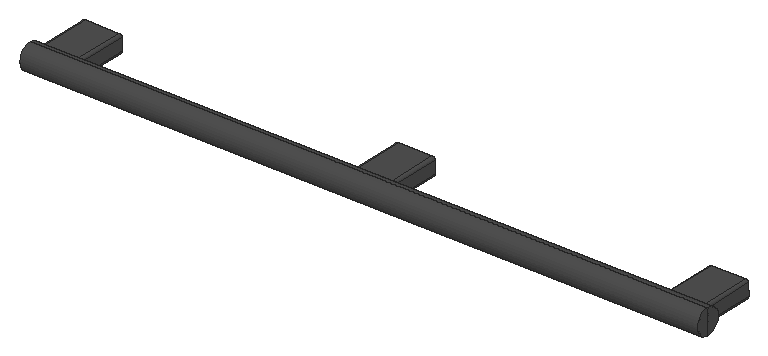
Revit family "Reece_Accessory_Mizu_Drift_Grab Rail_Straight", category Plumbing Fixtures, Revit 2018
Family settings
  Round Connector Dimension = Use Diameter
  Part Type = Normal
  Work Plane-Based = Yes
  Always vertical = Yes
  Cut with Voids When Loaded = Yes
  Shared = Yes
  Room Calculation Point = Yes
Parameters (values of type "800 mm_Matte Black")
  URL = "https://www.reece.com.au/product/-2218610"
  Type Comments = "Accessory"
  Reece_Product_Web Page = "https://www.reece.com.au/product/-2218610"
  Reece_Product_Type = "Accessory"  # constant formula
  Reece_Product_Sub Brand = "Drift"  # constant formula
  Reece_Product_Number = "2218610"
  Reece_Product_Mount = "Wall Mounted"  # constant formula
  Reece_Product_Description = "Mizu Drift Assisted Living Straight Grab Rail 800mm Matte Black"
  Reece_Product_Brand = "Mizu"  # constant formula
  Reece_Overall_Projection = 90 mm  # constant formula
  Reece_Overall_Length = 865 mm
  Reece_Overall_Diameter = 32 mm  # constant formula
  Reece_Material_Main = Reece_Brass_Matte Black
  Reece_Height_From_Level [instance] = 1200 mm
  Reece_Fixing_Point_Distance = 800 mm
  Reece_Detail_Shape = ""
  Reece_Detail_Installation = ""
  Reece_Detail_Disclaimer = "THIS FILE IS THE PROPERTY OF THE REECE GROUP. IT MAY NOT BE REPRODUCED, REVERSE-ENGINEERED, OR MODIFIED. ANY REPUBLICATION, TRANSMISSION, OR DISTRIBUTION FOR THE PURPOSE OF COMMERCIALLY EXPLOITING THE FILES IS PROHIBITED."  # constant formula
  Reece_Detail_Connector = ""
  Reece_Detail_Additional = "Straight Rail"  # constant formula
  Reece_3_Fixtures = not(Reece_2_Fixtures)  # yes
  Reece_2_Fixtures = no
  Model = "Drift"
  Manufacturer = "Mizu"
  Keynote = "Product #2218610, Reece_Accessory_Mizu_Drift_Grab Rail_Straight - 800 mm_Matte Black"
  Disclaimer = "THIS FILE IS THE PROPERTY OF THE REECE GROUP. IT MAY NOT BE REPRODUCED, REVERSE-ENGINEERED, OR MODIFIED. ANY REPUBLICATION, TRANSMISSION, OR DISTRIBUTION FOR THE PURPOSE OF COMMERCIALLY EXPLOITING THE FILES IS PROHIBITED."  # constant formula
  Description = "Mizu Drift Assisted Living Straight Grab Rail 800mm Matte Black"
  Default Elevation = 0 mm
Types (13, lengths in mm): name | URL | Reece_Product_Web Page | Reece_Product_Number | Reece_Product_Description | Reece_Overall_Length | Reece_Material_Main | Reece_Fixing_Point_Distance | Reece_3_Fixtures | Reece_2_Fixtures | Keynote | Description
  (no name) | "https://www.reece.com.au/product/-2265141" | "https://www.reece.com.au/product/-2265141" | "2265141" | "Mizu Drift Assisted Living Straight Grab Rail 300mm Brushed Nickel" | 365 | Reece_Brass_Brushed Nickel | 300 | no | yes | "Product #2265141, Reece_Accessory_Mizu_Drift_Grab Rail_Straight -  " | "Mizu Drift Assisted Living Straight Grab Rail 300mm Brushed Nickel"
  300 mm_Chrome | "https://www.reece.com.au/product/-2218605" | "https://www.reece.com.au/product/-2218605" | "2218605" | "Mizu Drift Assisted Living Straight Grab Rail 300mm Chrome Plated" | 365 | Reece_Brass_Chrome | 300 | no | yes | "Product #2218605, Reece_Accessory_Mizu_Drift_Grab Rail_Straight - 300 mm_Chrome" | "Mizu Drift Assisted Living Straight Grab Rail 300mm Chrome Plated"
  300 mm_Matte Black | "https://www.reece.com.au/product/-2218606" | "https://www.reece.com.au/product/-2218606" | "2218606" | "Mizu Drift Assisted Living Straight Grab Rail 300mm Matte Black" | 365 | Reece_Brass_Matte Black | 300 | no | yes | "Product #2218606, Reece_Accessory_Mizu_Drift_Grab Rail_Straight - 300 mm_Matte Black" | "Mizu Drift Assisted Living Straight Grab Rail 300mm Matte Black"
  600 mm_Chrome | "https://www.reece.com.au/product/-2218607" | "https://www.reece.com.au/product/-2218607" | "2218607" | "Mizu Drift Assisted Living Straight Grab Rail 600mm Chrome Plated" | 665 | Reece_Brass_Chrome | 600 | no | yes | "Product #2218607, Reece_Accessory_Mizu_Drift_Grab Rail_Straight - 600 mm_Chrome" | "Mizu Drift Assisted Living Straight Grab Rail 600mm Chrome Plated"
  600 mm_Matte Black | "https://www.reece.com.au/product/-2218608" | "https://www.reece.com.au/product/-2218608" | "2218608" | "Mizu Drift Assisted Living Straight Grab Rail 600mm Matte Black" | 665 | Reece_Brass_Matte Black | 600 | no | yes | "Product #2218608, Reece_Accessory_Mizu_Drift_Grab Rail_Straight - 600 mm_Matte Black" | "Mizu Drift Assisted Living Straight Grab Rail 600mm Matte Black"
  800 mm_Chrome | "https://www.reece.com.au/product/-2218609" | "https://www.reece.com.au/product/-2218609" | "2218609" | "Mizu Drift Assisted Living Straight Grab Rail 800mm Chrome Plated" | 865 | Reece_Brass_Chrome | 800 | yes | no | "Product #2218609, Reece_Accessory_Mizu_Drift_Grab Rail_Straight - 800 mm_Chrome" | "Mizu Drift Assisted Living Straight Grab Rail 800mm Chrome Plated"
  800 mm_Matte Black | "https://www.reece.com.au/product/-2218610" | "https://www.reece.com.au/product/-2218610" | "2218610" | "Mizu Drift Assisted Living Straight Grab Rail 800mm Matte Black" | 865 | Reece_Brass_Matte Black | 800 | yes | no | "Product #2218610, Reece_Accessory_Mizu_Drift_Grab Rail_Straight - 800 mm_Matte Black" | "Mizu Drift Assisted Living Straight Grab Rail 800mm Matte Black"
  300 mm_Brushed Nickel | "https://www.reece.com.au/product/-2265141" | "https://www.reece.com.au/product/-2265141" | "2265141" | "Mizu Drift Assisted Living Straight Grab Rail 300mm Brushed Nickel" | 365 | Reece_Brass_Brushed Nickel | 300 | no | yes | "Product #2265141, Reece_Accessory_Mizu_Drift_Grab Rail_Straight - 300 mm_Brushed Nickel" | "Mizu Drift Assisted Living Straight Grab Rail 300mm Brushed Nickel"
  600 mm_Brushed Nickel | "https://www.reece.com.au/product/-2265145" | "https://www.reece.com.au/product/-2265145" | "2265145" | "Mizu Drift Assisted Living Straight Grab Rail 600mm Brushed Nickel" | 665 | Reece_Brass_Brushed Nickel | 600 | no | yes | "Product #2265145, Reece_Accessory_Mizu_Drift_Grab Rail_Straight - 600 mm_Brushed Nickel" | "Mizu Drift Assisted Living Straight Grab Rail 600mm Brushed Nickel"
  800 mm_Brushed Nickel | "https://www.reece.com.au/product/-2265155" | "https://www.reece.com.au/product/-2265155" | "2265155" | "Mizu Drift Assisted Living Straight Grab Rail 800mm Brushed Nickel" | 865 | Reece_Brass_Brushed Nickel | 800 | yes | no | "Product #2265155, Reece_Accessory_Mizu_Drift_Grab Rail_Straight - 800 mm_Brushed Nickel" | "Mizu Drift Assisted Living Straight Grab Rail 800mm Brushed Nickel"
  450 mm_Chrome | "https://www.reece.com.au/product/-2265142" | "https://www.reece.com.au/product/-2265142" | "2265142" | "Mizu Drift Assisted Living Straight Grab Rail 450mm Chrome" | 515 | Reece_Brass_Chrome | 450 | no | yes | "Product #2265142, Reece_Accessory_Mizu_Drift_Grab Rail_Straight - 450 mm_Chrome" | "Mizu Drift Assisted Living Straight Grab Rail 450mm Chrome"
  450 mm_Brushed Nickel | "https://www.reece.com.au/product/-2265144" | "https://www.reece.com.au/product/-2265144" | "2265144" | "Mizu Drift Assisted Living Straight Grab Rail 450mm Brushed Nickel" | 515 | Reece_Brass_Brushed Nickel | 450 | no | yes | "Product #2265144, Reece_Accessory_Mizu_Drift_Grab Rail_Straight - 450 mm_Brushed Nickel" | "Mizu Drift Assisted Living Straight Grab Rail 450mm Brushed Nickel"
  450 mm_Matte Black | "https://www.reece.com.au/product/-2265143" | "https://www.reece.com.au/product/-2265143" | "2265143" | "Mizu Drift Assisted Living Straight Grab Rail 450mm Matte Black" | 515 | Reece_Brass_Matte Black | 450 | no | yes | "Product #2265143, Reece_Accessory_Mizu_Drift_Grab Rail_Straight - 450 mm_Matte Black" | "Mizu Drift Assisted Living Straight Grab Rail 450mm Matte Black"
Reference planes
  plane 1 "Center (Front/Back)": y = 0
  plane 2 "Height From Floor": z = 1200
  plane 3 "Center (Left/Right)": x = 0
  plane 4 "Bottom Of Invisible Line": z = -5
  plane 5: x = 432.5
  plane 6: x = -432.5
  plane 7: x = 400
  plane 8: x = -400
  plane 9: y = -90
Forms (mm)
  Extrusion 1, solid, material "Reece_Brass_Matte Black" <- "Reece_Material_Main"
    sketch origin (-2172, 1.5, 1200.5) x (0, 0, -1) y (1, 0, 0)
      loop
        arc (11.5, 1793.5) -> (10.475, 1795.975) -> (8, 1797) r 3.5
        line (8, 1797) -> (-8, 1797)
        arc (-8, 1797) -> (-10.475, 1795.975) -> (-11.5, 1793.5) r 3.5
        line (-11.5, 1793.5) -> (-11.5, 1750.5)
        arc (-11.5, 1750.5) -> (-10.475, 1748.025) -> (-8, 1747) r 3.5
        line (-8, 1747) -> (8, 1747)
        arc (8, 1747) -> (10.475, 1748.025) -> (11.5, 1750.5) r 3.5
        line (11.5, 1750.5) -> (11.5, 1793.5)
    from 1.5 to 70
  Extrusion 2, solid, material "Reece_Brass_Matte Black" <- "Reece_Material_Main"
    sketch origin (2172, 1.5, 1200.5) x (0, 0, -1) y (1, 0, 0)
      loop
        line (11.5, -1793.5) -> (11.5, -1750.5)
        arc (11.5, -1750.5) -> (10.475, -1748.025) -> (8, -1747) r 3.5
        line (8, -1747) -> (-8, -1747)
        arc (-8, -1747) -> (-10.475, -1748.025) -> (-11.5, -1750.5) r 3.5
        line (-11.5, -1750.5) -> (-11.5, -1793.5)
        arc (-11.5, -1793.5) -> (-10.475, -1795.975) -> (-8, -1797) r 3.5
        line (-8, -1797) -> (8, -1797)
        arc (8, -1797) -> (10.475, -1795.975) -> (11.5, -1793.5) r 3.5
    from 1.5 to 70
  Revolve 3, solid, material "Reece_Brass_Matte Black" <- "Reece_Material_Main"
    sketch origin (7.5, -74, 0) x (1, 0, 0) y (0, 0, 1)
      loop
        line (-440, 1200) -> (425, 1200) -> (425, 1216) -> (-440, 1216) -> (-440, 1200)
      axis (-440, 1200) -> (425, 1200)
    angle from 0 to 360
  Extrusion 4, solid, material "Reece_Brass_Matte Black" <- "Reece_Material_Main", visible <- "Reece_3_Fixtures"
    sketch origin (-1872, 1.5, 1200.5) x (0, 0, -1) y (1, 0, 0)
      loop
        arc (11.5, 1893.5) -> (10.475, 1895.975) -> (8, 1897) r 3.5
        line (8, 1897) -> (-8, 1897)
        arc (-8, 1897) -> (-10.475, 1895.975) -> (-11.5, 1893.5) r 3.5
        line (-11.5, 1893.5) -> (-11.5, 1850.5)
        arc (-11.5, 1850.5) -> (-10.475, 1848.025) -> (-8, 1847) r 3.5
        line (-8, 1847) -> (8, 1847)
        arc (8, 1847) -> (10.475, 1848.025) -> (11.5, 1850.5) r 3.5
        line (11.5, 1850.5) -> (11.5, 1893.5)
    from 1.5 to 70
  Extrusion 5, void
    sketch origin (0, 0, 0) x (0, 1, 0) y (0, 0, 1)
      loop
        circle (-74, 1200) r 16
    from -28.387 to 33.555
Cuts and joins
  joined: Extrusion 1, Extrusion 2, Revolve 3
  Extrusion 5 cuts Extrusion 4
Lines and regions (mm)
  model lines, style "InvisibleLines"
    curve 1: line (0, 0, -5) -> (0, 0, 1200)
Text (mm)
  text "Reece ©" at (2744.828, -2546.217, 2725.767), in view "Reece Preview"
  text "Reece ©" at (1631.025, -1085.127, -1020.679), in view "Ref. Level"
Dimensions and locks
  locked: level to plane 4 "Bottom Of Invisible Line" at 5
  "Reece_Height_From_Level": plane 2 "Height From Floor" to level
  plane 8 to plane 7 = 800 mm
  "Reece_Overall_Length": plane 6 to plane 5
  "Reece_Fixing_Point_Distance": plane 7 to plane 8
  "Reece_Overall_Projection": plane 9 to plane 1 "Center (Front/Back)"
  "Reece_Overall_Diameter": Revolve 3 to plane 9
  locked: plane 7 to plane 5 at 32.5
  plane 6 to plane 8 = 32.5 mm
  "Reece_Overall_Length": plane 6 to cut or joined group of Extrusion 1, Extrusion 2, Revolve 3
  equal spacing: plane 7, plane 3 "Center (Left/Right)", plane 8
  equal spacing: plane 6, plane 3 "Center (Left/Right)", plane 5
  Extrusion 1 sketch curve to plane 8 to Extrusion 1 sketch curve = 25 mm locked, 25 mm locked
  Extrusion 2 sketch curve to plane 7 to Extrusion 2 sketch curve = 25 mm locked, 25 mm locked
  aligned and locked: plane 2 "Height From Floor" to curve 1
  aligned and locked: plane 4 "Bottom Of Invisible Line" to curve 1
  aligned and locked: plane 3 "Center (Left/Right)" to curve 1
  aligned and locked: cut or joined group of Extrusion 1, Extrusion 2, Revolve 3 to plane 6
  aligned and locked: cut or joined group of Extrusion 1, Extrusion 2, Revolve 3 to plane 5
Automatic sketch dimensions
  plane 2 "Height From Floor" to Extrusion 1 sketch curve = 12 mm
  Extrusion 1 sketch curve to Extrusion 1 sketch curve = 3.5 mm  (x3)
  Extrusion 1 sketch curve to plane 2 "Height From Floor" = 7.5 mm  (x2)
  plane 2 "Height From Floor" to Extrusion 2 sketch curve = 12 mm
  Extrusion 2 sketch curve to Extrusion 2 sketch curve = 3.5 mm  (x3)
  Extrusion 2 sketch curve to plane 2 "Height From Floor" = 7.5 mm  (x2)
  Revolve 3 sketch curve to plane 2 "Height From Floor" = 0 mm  (x2)
  Revolve 3 sketch curve to plane 6 = 0 mm
  Revolve 3 sketch curve to plane 5 = 0 mm
  plane 2 "Height From Floor" to Revolve 3 sketch curve = 16 mm
  plane 6 to Revolve 3 sketch curve = 7.5 mm
  plane 5 to Revolve 3 sketch curve = 7.5 mm
  plane 2 "Height From Floor" to Extrusion 4 sketch curve = 12 mm
  Extrusion 4 sketch curve to Extrusion 4 sketch curve = 3.5 mm  (x3)
  Extrusion 4 sketch curve to plane 2 "Height From Floor" = 7.5 mm  (x2)
  Extrusion 4 sketch curve to plane 3 "Center (Left/Right)" = 25 mm
  plane 3 "Center (Left/Right)" to Extrusion 4 sketch curve = 21.5 mm
  Extrusion 5 sketch curve to Extrusion 5 sketch curve = 0 mm  (x2)
  Extrusion 5 sketch curve to plane 2 "Height From Floor" = 0 mm
  Extrusion 5 sketch curve to plane 9 = 16 mm
  Extrusion 5 sketch curve to Extrusion 5 sketch curve = 16 mm
